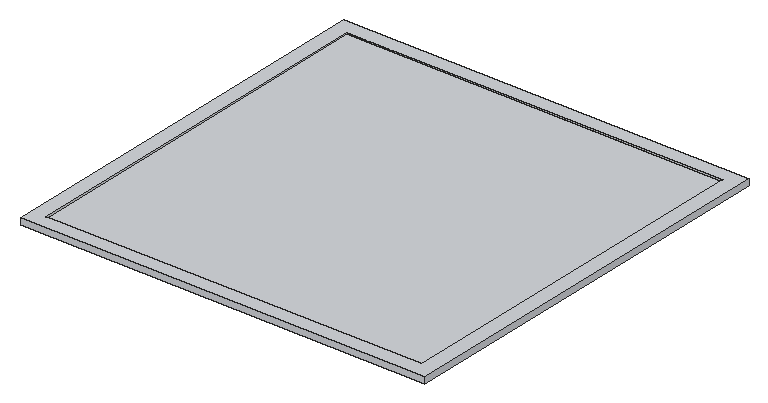
Revit family "595x595_START Panel Backlit UGR19 - Copy - Copy (3)", category Lighting Fixtures, host Face, Revit 2017
Family settings
  Host = Face
  Round Connector Dimension = Use Diameter
  Part Type = Normal
  OmniClass Number = 23.80.70.00
  OmniClass Title = Lighting
  Cut with Voids When Loaded = No
  Light Source = Yes
  Shared = No
  Room Calculation Point = No
Parameters (values of type "0042232")
  Weight = "119.34 kg"
  Wattage Comments = ""
  Wattage = 36 W
  WarrantyStartDate [instance] = "n/a"
  WarrantyGuarantorParts = "n/a"
  WarrantyDurationUnit = "n/a"
  WarrantyDurationParts = "n/a"
  WarrantyDescription = "n/a"
  WIDTH_SYL = 297.5 mm
  built-in parameter 1150110 = 1 (stored number, unit not read)
  Voltage = 0 V
  URL = "http://www.sylvania-lighting.com"
  TypeName = "0042232 ST PANEL 600X600 4000LM 840 LILO"
  Type Image = <None>
  Type Comments = "n/a"
  built-in parameter 1114217 = 1 (stored number, unit not read)
  Tilt Angle = -90.00°
  built-in parameter 1150109 = 1 (stored number, unit not read)
  built-in parameter 1150134 = 12
  TOPWIDTH_SYL = 245 mm
  built-in parameter 1150113 = 1 (stored number, unit not read)
  SerialNumber [instance] = "n/a"
  Photometric Web File = "0042232.ies"
  Material_3_SYL = none
  PowerFactor = 0.9
  PowerConsumption = "36 W"
  NominalLength = 595 mm
  NominalHeight = 35 mm
  NominalDepth = 595 mm
  Name = "START Panel 600x600 4000Lm 840 LILO"
  ModelReference = Name  # "START Panel 600x600 4000Lm 840 LILO"
  ModelNumber = "0042232"
  Model = Name  # "START Panel 600x600 4000Lm 840 LILO"
  Material = "aluminium,steel housing, other diffuser"
  ManufacturerName = "Feilo Sylvania"
  Manufacturer = "Feilo Sylvania"
  MAINHEIGHT_SYL = 63 mm
  LuminousEfficacy = "111 lm/W"
  built-in parameter 1150105 = 317.99 (stored number, unit not read)
  Lumens = 3996 lm
  LuminaireType = ""
  built-in parameter 1150115 = 1 (stored number, unit not read)
  LightOutputRatio = ""
  built-in parameter 1150137 = (empty or 0)
  built-in parameter 1150139 = (empty or 0)
  LampsType = Lamp  # "LED"
  LampNominalLuminous = "4000 lm"
  LampMacAdamStep = "6"
  LampColourTemperature = "4000 K"
  LampColourRenderingIndex = "80"
  built-in parameter 1150112 = 1 (stored number, unit not read)
  built-in parameter 1150114 = 1 (stored number, unit not read)
  Lamp = "LED"
  LUMWIDTH_SYL = 276.5 mm
  LUMDEPTH_SYL = 276.5 mm
  Keynote = "16500"
  InstallationDate [instance] = "n/a"
  InputVoltage = ""
  InputNominalFrequency = ""
  built-in parameter 1150132 = (empty or 0)
  built-in parameter 1150102 = (empty or 0)
  built-in parameter 1150107 = 4000 (stored number, unit not read)
  built-in parameter 1150138 = (empty or 0)
  IngressProtection = "IP40/20"
  ImpactProtectionIndex = "IK03"
  built-in parameter 1150106 = 3.1799 (stored number, unit not read)
  IfcExportType = "IfcLightFixtureType"
  IfcExportAs = "IfcLightFixtureType"
  HEIGHT_SYL = 33 mm
  HEIGHTBOTT_SYL = 7 mm
  Emit from Circle Diameter = 609.6 mm
  Emit Shape Visible in Rendering = no
  ElectricShockClassification = "Class II"
  built-in parameter 1150104 = 10.312 (stored number, unit not read)
  DocumentationLiterature = "http://www.sylvania-lighting.com/product/en-int/products/0042232"
  DimmingControlOptions = "n/a"
  Material_2_SYL = none
  Dimming Lamp Color Temperature Shift = <None>
  Description = ""
  Default Elevation = 1219.2 mm
  DEPTH_SYL = 297.5 mm
  CreatedOn = "7/3/2020"
  CreatedBy = "@sylvania-lighting.com"
  Cost = 0
  Color Filter = 16777215
  built-in parameter 1114216 [instance] = (empty or 0)
  ClassificationValue = "EF_70_80"
  ClassificationName = "Uniclass2015"
  Material_1_SYL = none
  BarCode [instance] = "n/a"
  built-in parameter 1114218 = 1 (stored number, unit not read)
  BOX_WIDTH_SYL = 40 mm
  built-in parameter 1150133 = 10 (stored number, unit not read)
  AssetType = "Fixed"
  AssetIdentifier [instance] = "n/a"
  Assembly Code = "D5020200"
  Apparent Load = 36 VA
  Material_4_SYL = none
  -LUMDEPTH_SYL = LUMDEPTH_SYL * (-1)  # -276.5 mm
Reference planes
  plane 1 "Center (Front/Back)": y = 0
  plane 2: z = 0
  plane 3 "Center (Left/Right)": x = 0
  plane 4: x = -297.5
  plane 5: x = 297.5
  plane 6: y = 297.5
  plane 7: y = -297.5
  plane 8: x = 276.5
  plane 9: x = -276.5
  plane 10: y = 276.5
  plane 11: y = -276.5
  plane 12: z = -33
  plane 13: z = -7
  plane 14: x = -245
  plane 15: x = 245
  plane 16: y = -245
  plane 17: y = 245
  plane 18: y = 276.5
  plane 19: y = -276.5
  plane 20: z = -63
  plane 21: x = -40
  plane 22: x = 40
Forms (mm)
  Extrusion 1, solid
    sketch origin (0, 0, 0) x (1, 0, 0) y (0, 1, 0)
      loop
        line (-297.5, 297.5) -> (-297.5, -297.5) -> (297.5, -297.5) -> (297.5, 297.5) -> (-297.5, 297.5)
    from -7 to 2
  Extrusion 2, void
    sketch origin (0, 0, 0) x (1, 0, 0) y (0, 1, 0)
      loop
        line (-276.5, 276.5) -> (-276.5, -276.5) -> (276.5, -276.5) -> (276.5, 276.5) -> (-276.5, 276.5)
    from 0 to 10
  Extrusion 3, solid
    sketch origin (0, 0, 0) x (1, 0, 0) y (0, 0, 1)
      loop
        line (-276.5, -7) -> (-245, -33) -> (245, -33) -> (276.5, -7) -> (-276.5, -7)
    from -276.5 <- "-LUMDEPTH_SYL" to 276.5 <- "LUMDEPTH_SYL"
  Extrusion 4, void
    sketch origin (319, 1524, 1219.2) x (0, 1, 0) y (0, 0, 1)
      loop
        line (-1279, -1252.2) -> (-1247.5, -1252.2) -> (-1247.5, -1226.2) -> (-1279, -1252.2)
      loop
        line (-1800.5, -1226.2) -> (-1800.5, -1252.2) -> (-1769, -1252.2) -> (-1800.5, -1226.2)
    from -1000 to 1000
  Extrusion 5, solid
    sketch origin (0, 0, 0) x (1, 0, 0) y (0, 0, 1)
      loop
        line (-40, -33) -> (-40, -63) -> (40, -63) -> (40, -33) -> (-40, -33)
    from -40 to 40
Cuts and joins
  Extrusion 2 cuts Extrusion 1
  Extrusion 4 cuts Extrusion 3
Dimensions and locks
  "WIDTH_SYL": plane 4 to plane 3 "Center (Left/Right)" to plane 5
  "DEPTH_SYL": plane 7 to plane 1 "Center (Front/Back)" to plane 6
  "LUMWIDTH_SYL": plane 9 to plane 3 "Center (Left/Right)" to plane 8
  "LUMDEPTH_SYL": plane 11 to plane 1 "Center (Front/Back)" to plane 10
  "HEIGHT_SYL": host face to plane 12
  "HEIGHTBOTT_SYL": host face to plane 13
  "TOPWIDTH_SYL": plane 14 to imposter light to plane 15
  "TOPWIDTH_SYL": plane 17 to imposter light to plane 16
  "LUMWIDTH_SYL": plane 18 to imposter light to plane 19
  "MAINHEIGHT_SYL": host face to plane 20
  "BOX_WIDTH_SYL": plane 21 to imposter light to plane 22
  Extrusion 5 sketch curve to Extrusion 5 sketch curve to plane 13 = 30 mm, 26 mm
  aligned and locked: plane 2 to host face
  aligned and locked: level to host face
  aligned and locked: plane 6 to Extrusion 1 sketch curve
  aligned and locked: plane 4 to Extrusion 1 sketch curve
  aligned and locked: Extrusion 1 sketch curve to plane 7
  aligned and locked: Extrusion 1 sketch curve to plane 5
  aligned and locked: plane 10 to Extrusion 2 sketch curve
  aligned and locked: Extrusion 2 sketch curve to plane 9
  aligned and locked: Extrusion 2 sketch curve to plane 11
  aligned and locked: plane 8 to Extrusion 2 sketch curve
  aligned and locked: Extrusion 5 sketch curve to plane 21
  aligned and locked: plane 22 to Extrusion 5 sketch curve
Automatic sketch dimensions
  host sketch curve to host sketch curve = 2438.4 mm  (x2)
  plane 9 to Extrusion 3 sketch curve = 0 mm
  Extrusion 3 sketch curve to plane 12 = 0 mm
  plane 14 to Extrusion 3 sketch curve = 0 mm
  plane 15 to Extrusion 3 sketch curve = 0 mm
  plane 8 to Extrusion 3 sketch curve = 0 mm
  Extrusion 3 sketch curve to plane 13 = 0 mm
  Extrusion 4 sketch curve to plane 11 = 0 mm
  plane 12 to Extrusion 4 sketch curve = 0 mm  (x2)
  Extrusion 4 sketch curve to plane 16 = 0 mm
  Extrusion 4 sketch curve to plane 17 = 0 mm
  Extrusion 4 sketch curve to plane 10 = 0 mm
  plane 13 to Extrusion 4 sketch curve = 0 mm  (x2)
